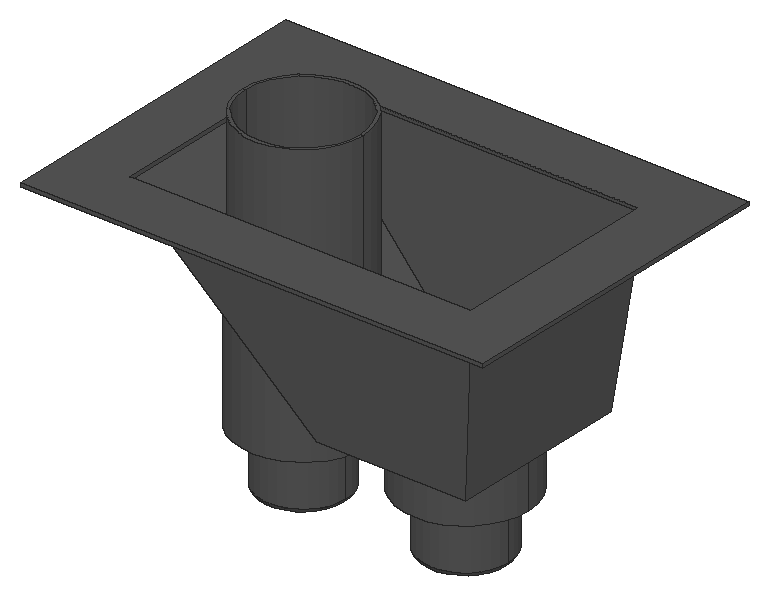
Revit family "2100.112 Rainhead Overflow Sump 530x380x240", category Plumbing Fixtures, Revit 2016
Family settings
  Part Type = Normal
  Round Connector Dimension = Use Diameter
  OmniClass Number = 23.60.30.11
  OmniClass Title = Pipework Products for General Use
  Work Plane-Based = No
  Always vertical = No
  Cut with Voids When Loaded = No
  Shared = No
  Room Calculation Point = No
Parameters (values of type "DWV100")
  Width = 378 mm
  Waste Connection = yes
  Vent Connection = no
  URL = "www.aquaknight.co.nz"
  Right Edge Void Position = Right Edge Position - 3 mm  # 80.3 mm
  Right Edge Position = 83.3 mm
  Pool Depth = 204 mm
  Phone = "+6498322214"  # constant formula
  Nozzles Distance = 185 mm
  Left Tube End = 0 mm
  Left Edge Void Position = Left Edge Position - 3 mm  # 167 mm
  Left Edge Position = 170 mm
  DWV100 Nozzle Height = 329 mm
  Model = "2100.112"
  Material = Aquanight-Black
  Manufacturer = "Aquanight Industries Ltd"  # constant formula
  Length = 528 mm
  HW Connection = no
  Flow = 0.0 L/s
  Email = "info@aquaknight.co.nz"  # constant formula
  Description = "Membrane Rainhead 530x380x330 DWV100 DN100"
  DVW150 Nozzle Heigth = 264 mm
  CutOut Width = 245 mm
  CutOut Length = 395 mm
  Connector Location = 296.5 mm
  Connector Diameter = 100 mm
  Connector Description = "DWV100"
  CW Connection = no
Types (3, lengths in mm): name | Description | Connector Location | Connector Diameter
  (no name) | "Membrane Rainhead 530x380x330 DWV100 DN100" | 296.5 | 100
  DWV100 | "Membrane Rainhead 530x380x330 DWV100 DN100" | 296.5 | 100
  DWV150 | "Membrane Rainhead 530x380x330 DWV150 DN150" | 234 | 150
Reference planes
  plane 1 "Center (Front/Back)": y = 0
  plane 2: z = 0
  plane 3 "Center (Left/Right)": x = 0
  plane 4: z = -264
  plane 5: z = -329
  plane 6: z = -204
  plane 7: z = -296.5
  plane 8: x = -264
  plane 9: x = 264
  plane 10: x = -92.5
  plane 11: x = 92.5
  plane 12: y = 189
  plane 13: y = -189
  plane 14: z = 0
  plane 15: y = 122.5
  plane 16: y = -122.5
  plane 17: x = -197.5
  plane 18: x = 197.5
Forms (mm)
  SweptBlend 1, solid, material "Aquanight-Black" <- "Material"
    path origin (0, 0, 0) x (1, 0, 0) y (0, 0, 1)
      loop
        line (0, 0) -> (0, -204)
    profile origin (0, 0, 0) x (0, -1, 0) y (1, 0, 0)
      loop
        line (-122.5, -197.5) -> (122.5, -197.5) -> (122.5, 197.5) -> (-122.5, 197.5) -> (-122.5, -197.5)
    end profile origin (0, 0, -204) x (0, -1, 0) y (1, 0, 0)
      loop
        line (-102.933, 5.8) -> (102.933, 5.8) -> (102.933, 175.8) -> (-102.933, 175.8) -> (-102.933, 5.8)
  SweptBlend 2, void
    path origin (0, 0, 0) x (1, 0, 0) y (0, 0, 1)
      loop
        line (0, 0) -> (0, -200)
    profile origin (0, 0, 0) x (0, -1, 0) y (1, 0, 0)
      loop
        line (-120, 194.5) -> (-120, -194.5) -> (120, -194.5) -> (120, 194.5) -> (-120, 194.5)
    end profile origin (0, 0, -200) x (0, -1, 0) y (1, 0, 0)
      loop
        line (-99.333, 5.8) -> (99.333, 5.8) -> (99.333, 172.8) -> (-99.333, 172.8) -> (-99.333, 5.8)
  Revolve 3, solid, material "Aquanight-Black" <- "Material"
    sketch origin (-90, 0, 0) x (1, 0, 0) y (0, 0, 1)
      loop
        line (-74.5, -264) -> (-51.5, -264) -> (-51.5, -325) -> (-48.902, -329) -> (-48, -329) -> (-48, -260.5) -> (-71.25, -260.5) -> (-71.25, 0) -> (-74.5, 0) -> (-74.5, -264)
      axis (-2.5, 0) -> (-2.5, -329)
    angle from 0 to 360
  Extrusion 4, void
    sketch origin (-90, 0, 0) x (1, 0, 0) y (0, 1, 0)
      loop
        circle (-2.5, 0) r 68.75
    from 0 to -204
  Extrusion 5, solid, material "Aquanight-Black" <- "Material"
    sketch origin (0, 0, 0) x (1, 0, 0) y (0, 1, 0)
      loop
        line (-264, 189) -> (-264, -189) -> (264, -189) -> (264, 189) -> (-264, 189)
      loop
        line (194.5, -120) -> (194.5, 120) -> (-194.5, 120) -> (-194.5, -120) -> (194.5, -120)
    from 0 to 4
  Revolve 6, solid, material "Aquanight-Black" <- "Material"
    sketch origin (90, 0, 0) x (-1, 0, 0) y (0, 0, 1)
      loop
        line (-74.5, -264) -> (-51.5, -264) -> (-51.5, -325) -> (-48.902, -329) -> (-48, -329) -> (-48, -260.5) -> (-71.25, -260.5) -> (-71.25, -204) -> (-74.5, -204) -> (-74.5, -264)
      axis (-2.5, -204) -> (-2.5, -329)
    angle from 0 to 360
  Extrusion 7, void
    sketch origin (90, 0, 0) x (-1, 0, 0) y (0, -1, 0)
      loop
        circle (-2.5, 0) r 68.75
    from 0 to -264
  Revolve 8, solid, material "Aquanight-Black"
    sketch origin (0, 0, 0) x (1, 0, 0) y (0, 0, 1)
      loop
        line (-161.25, -260.5) -> (-157.75, -260.5) -> (-157.75, 53.5) -> (-161.25, 53.5) -> (-161.25, -260.5)
      axis (-92.5, 53.5) -> (-92.5, -260.5)
    angle from 0 to 360
Cuts and joins
  SweptBlend 2, Extrusion 4, Extrusion 7 cuts SweptBlend 1
  SweptBlend 2, Extrusion 4, Extrusion 7 cuts Revolve 3
  SweptBlend 2, Extrusion 7 cuts Extrusion 5
  joined: SweptBlend 1, Revolve 3, Extrusion 5
Dimensions and locks
  "DVW150 Nozzle Heigth": level to plane 4
  "DWV100 Nozzle Height": level to plane 5
  locked: Revolve 3 sketch curve to plane 4 at 3.5
  locked: Revolve 3 sketch curve to plane 5 at 4
  locked: SweptBlend 2 sketch curve to plane 6 at 4
  "Connector Location": level to plane 7
  locked: connector elem to plane 1 "Center (Front/Back)"  (x3)
  "Nozzles Distance": plane 10 to plane 11
  "Pool Depth": level to plane 6
  Revolve 8 sketch curve to cut or joined group of SweptBlend 1, SweptBlend 2, Revolve 3, Extrusion 4, Extrusion 5, Extrusion 7 = 49.5 mm
  equal spacing: SweptBlend 1 sketch curve, plane 1 "Center (Front/Back)", SweptBlend 1 sketch curve
  locked: plane 11 to connector elem
  locked: connector elem to plane 10 at 0
  equal spacing: plane 8, plane 3 "Center (Left/Right)", plane 9
  "Length": plane 8 to plane 9
  equal spacing: plane 10, plane 3 "Center (Left/Right)", plane 11
  "Left Tube End": level to plane 14
  locked: Revolve 8 to level at 53.5
  "Left Edge Position": SweptBlend 1 sketch curve to SweptBlend 1 sketch curve
  "Left Edge Void Position": SweptBlend 2 sketch curve to SweptBlend 2 sketch curve
  equal spacing: plane 13, plane 1 "Center (Front/Back)", plane 12
  "Width": plane 13 to plane 12
  equal spacing: SweptBlend 1 sketch curve, plane 3 "Center (Left/Right)", SweptBlend 1 sketch curve
  "CutOut Length": SweptBlend 1 sketch curve to SweptBlend 1 sketch curve
  "CutOut Width": SweptBlend 1 sketch curve to SweptBlend 1 sketch curve
  "CutOut Width": plane 15 to plane 16
  equal spacing: plane 15, plane 1 "Center (Front/Back)", plane 16
  equal spacing: plane 17, plane 3 "Center (Left/Right)", plane 18
  "CutOut Length": plane 17 to plane 18
  "Right Edge Position": plane 11 to SweptBlend 1 sketch curve
  "Right Edge Void Position": plane 11 to SweptBlend 2 sketch curve
  aligned and locked: level to plane 2
  aligned and locked: Revolve 3 sketch curve to plane 4
  aligned and locked: plane 5 to Revolve 3 sketch curve
  aligned and locked: plane 6 to SweptBlend 1 sketch curve
  aligned and locked: level to SweptBlend 1 sketch curve
  aligned and locked: level to SweptBlend 2 sketch curve
  aligned and locked: Revolve 8 sketch curve to plane 10
  aligned and locked: Revolve 3 sketch curve to plane 14
  aligned and locked: Extrusion 4 to SweptBlend 1
  aligned and locked: Revolve 3 to Extrusion 7
  aligned and locked: plane 12 to Extrusion 5 sketch curve
  aligned and locked: plane 13 to Extrusion 5 sketch curve
  aligned and locked: SweptBlend 2 sketch curve to cut or joined group of SweptBlend 1, SweptBlend 2, Revolve 3, Extrusion 4, Extrusion 5, Extrusion 7  (x4)
  aligned and locked: plane 11 to Extrusion 7 sketch curve
Automatic sketch dimensions
  SweptBlend 1 sketch curve to plane 3 "Center (Left/Right)" = 0 mm
  SweptBlend 2 sketch curve to plane 3 "Center (Left/Right)" = 0 mm
  Revolve 3 sketch curve to plane 10 = 0 mm
  Revolve 3 sketch curve to plane 10 = 45.5 mm
  Revolve 3 sketch curve to Revolve 3 sketch curve = 0.902 mm
  Revolve 3 sketch curve to Revolve 3 sketch curve = 3.5 mm
  Revolve 3 sketch curve to Revolve 3 sketch curve = 23.25 mm
  Revolve 3 sketch curve to Revolve 3 sketch curve = 3.25 mm
  plane 4 to Revolve 3 sketch curve = 3.377 mm
  level to Revolve 3 sketch curve = 2214.315 mm
  Extrusion 4 sketch curve to Extrusion 4 sketch curve = 0 mm  (x2)
  plane 1 "Center (Front/Back)" to Extrusion 4 sketch curve = 0 mm
  Extrusion 4 sketch curve to plane 10 = 0 mm
  Extrusion 4 sketch curve to plane 10 = 68.75 mm
  Extrusion 5 sketch curve to plane 8 = 0 mm
  Extrusion 5 sketch curve to plane 9 = 0 mm
  Extrusion 5 sketch curve to plane 9 = 69.5 mm
  plane 1 "Center (Front/Back)" to Extrusion 7 sketch curve = 0 mm
  Extrusion 7 sketch curve to Extrusion 7 sketch curve = 68.75 mm
  Extrusion 5 sketch curve to Extrusion 5 sketch curve = 69 mm  (x2)
  Revolve 6 sketch curve to plane 4 = 0 mm
  Revolve 6 sketch curve to plane 5 = 0 mm
  plane 11 to Revolve 6 sketch curve = 0 mm
  plane 4 to Revolve 6 sketch curve = 3.5 mm
  plane 11 to Revolve 6 sketch curve = 45.5 mm
  Revolve 6 sketch curve to Revolve 6 sketch curve = 3.5 mm
  Revolve 6 sketch curve to Revolve 6 sketch curve = 19.75 mm
  Revolve 6 sketch curve to Revolve 6 sketch curve = 3.25 mm
  plane 5 to Revolve 6 sketch curve = 4 mm
  plane 6 to Revolve 6 sketch curve = 0 mm
  Revolve 6 sketch curve to Revolve 6 sketch curve = 0.902 mm
  Revolve 6 sketch curve to plane 4 = 3.377 mm
  Revolve 6 sketch curve to level = 2214.315 mm
  Revolve 8 sketch curve to plane 4 = 3.5 mm
  Revolve 8 sketch curve to plane 10 = 68.75 mm
  Revolve 8 sketch curve to Revolve 8 sketch curve = 3.5 mm
  plane 7 to Revolve 8 sketch curve = 31.8 mm
  Revolve 8 sketch curve to Revolve 8 sketch curve = 2384.4 mm
  Extrusion 5 sketch curve to plane 17 = 3 mm
  SweptBlend 1 sketch curve to plane 1 "Center (Front/Back)" = 102.933 mm
  plane 1 "Center (Front/Back)" to SweptBlend 1 sketch curve = 102.933 mm
  SweptBlend 2 sketch curve to plane 1 "Center (Front/Back)" = 99.333 mm
  plane 1 "Center (Front/Back)" to SweptBlend 2 sketch curve = 99.333 mm
Connectors
  piping at (-92.5, 0, -296.5), diameter 100, driven by "Connector Diameter", driven by "Flow", driven by "Connector Description"
    settings: on plane 7, index 1, connector inside diameter 609.6 mm, connector length 0 mm, flow factor 0, pipe flow 0.0 L/s, pressure drop 0.0 Pa, fitting loss kfactor 0, connector angle 0.00°, fixture units 0, engagement length 0 mm, angle of deflection 0.00°, flow configuration 0, flow direction 2, fitting loss method 0, system type 28, joint type 0, gender type 0, connector reference index -1, connector utility 0, adjustable connector no, is connector primary yes, connector description "DWV100"
  piping at (92.5, 0, -296.5), diameter 100, driven by "Flow", driven by "Connector Diameter"
    settings: on plane 7, index 2, connector inside diameter 609.6 mm, connector length 0 mm, flow factor 0, pipe flow 0.0 L/s, pressure drop 0.0 Pa, fitting loss kfactor 0, connector angle 0.00°, fixture units 0, engagement length 0 mm, angle of deflection 0.00°, flow configuration 0, flow direction 2, fitting loss method 0, system type 28, joint type 0, gender type 0, connector reference index -1, connector utility 0, adjustable connector no, is connector primary no, connector description ""
